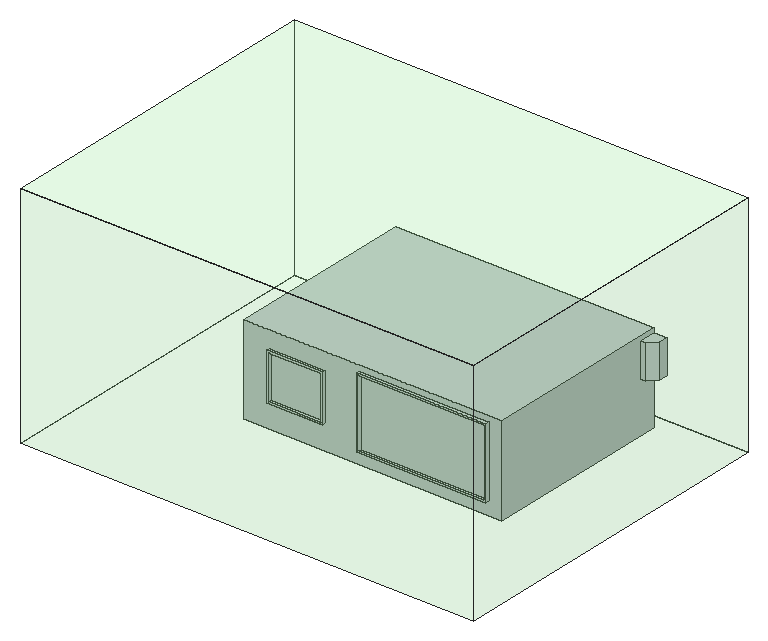
Revit family "BC_Hitachi_RASC_HNpE_LOD_200", category Equipement de génie climatique, Revit 2016
Family settings
  Type d'élément = Normal
  Cote de connecteur circulaire = Utiliser le diamètre
  Numéro OmniClass = 23.75.00.00
  Titre OmniClass = Climate Control (HVAC)
  Basée sur le plan de construction = Non
  Toujours verticalement = Oui
  Couper avec des vides une fois chargée = Non
  Partagée = Non
  Point de calcul de pièce = Non
Parameters (values of type "RASC-8HNPE")
  Static Pressure Nominal = 84.0 Pa
  Static Pressure Maximum = 120.0 Pa
  Space between inlet outlet = 245 mm
  Overall Width = 1850 mm
  Overall Height = 640 mm
  Overall Depth = 1360 mm
  Output Width = 398 mm
  Output Height = 337 mm
  Number of Poles = "3"
  Nominal heating power input = 7 kW
  Nominal cooling power input = 7.41 kW
  Nominal Voltage = 400 V
  Nominal Current = 24.7 A
  Minimum AC Voltage = 360 V
  Maximum Input Power = 15.43 kW
  Maximum AC Voltage = 440 V
  Mass = 300.00 kg
  Input Width = 925 mm
  Input Height = 509 mm
  Heating Capacity = 22.4 kW
  Frequency = 50 Hz
  Energy Efficiency Ratio (EER) = 2.7
  ESEER = "6.15"
  Distance from left outlet = 188 mm
  Diamètre Gaz Entrée = 25 mm
  Sound pressure level heating (dB(A)) = "56"
  Sound pressure level Night mode cooling (dB(A)) = "51"
  Sound pressure level cooling (dB(A)) = "55"
  Sound power dB(A) = "74"
  Service space [instance] = yes
  Running current heating = 11.2 A
  Running current cooling = 11.9 A
  Refrigerant charge = 5.70 kg
  Refrigerant = "R410A"
  Recommended circuit breaker = 30 A
  Minimum Connected Capacity (%) = "75"
  Maximum Connected Capacity (%) = "120"
  Maximum Air Flow = 115000.0 L/min
  Hight liquid pipe = 391 mm
  Hight Gas pipe = 504 mm
  Fabricant = "HITACHI"
  Diamètre Eau Entrée = 10 mm
  Cooling Capacity = 20 kW
  Commentaires du type = "RASC HNPE"
  Coefficient Of Performance (COP) = 3.2
  BC_OBJECT_ID = ""
Types (5, lengths in mm): name | Static Pressure Nominal | Static Pressure Maximum | Space between inlet outlet | Overall Width | Overall Height | Overall Depth | Output Width | Output Height | Nominal heating power input | Nominal cooling power input | Nominal Current | Maximum Input Power | Mass | Input Width | Input Height | Heating Capacity | Energy Efficiency Ratio (EER) | ESEER | Distance from left outlet | Diamètre Gaz Entrée | Sound pressure level heating (dB(A)) | Sound pressure level Night mode cooling (dB(A)) | Sound pressure level cooling (dB(A)) | Sound power dB(A) | Running current heating | Running current cooling | Refrigerant charge | Recommended circuit breaker | Maximum Air Flow | Hight liquid pipe | Hight Gas pipe | Diamètre Eau Entrée | Cooling Capacity | Coefficient Of Performance (COP)
  RASC-4HNPE | 56.0 Pa | 90.0 Pa | 222 | 1415 | 575 | 1015 | 334 | 288 | 2.95 kW | 2.99 kW | 14.1 A | 8.76 kW | 192.00 kg | 642 | 444 | 11.2 kW | 3.35 | "6.65" | 123 | 18 | "53" | "48" | "52" | "70" | 4.7 A | 4.8 A | 4.10 kg | 20 A | 55000.0 L/min | 319 | 439 | 10 | 10 kW | 3.8
  RASC-5HNPE | 72.0 Pa | 100.0 Pa | 222 | 1415 | 575 | 1015 | 334 | 288 | 4.12 kW | 3.98 kW | 14.1 A | 8.76 kW | 192.00 kg | 642 | 444 | 14 kW | 3.14 | "6.41" | 123 | 18 | "53" | "48" | "52" | "71" | 6.6 A | 6.4 A | 4.20 kg | 20 A | 60000.0 L/min | 319 | 439 | 10 | 12.5 kW | 3.4
  RASC-6HNPE | 100.0 Pa | 100.0 Pa | 222 | 1415 | 575 | 1015 | 334 | 288 | 5.74 kW | 5.09 kW | 16 A | 10.01 kW | 192.00 kg | 642 | 444 | 15.5 kW | 2.75 | "6.19" | 123 | 18 | "54" | "49" | "53" | "72" | 9.2 A | 8.2 A | 4.20 kg | 20 A | 60000.0 L/min | 319 | 439 | 10 | 14 kW | 2.7
  RASC-8HNPE | 84.0 Pa | 120.0 Pa | 245 | 1850 | 640 | 1360 | 398 | 337 | 7 kW | 7.41 kW | 24.7 A | 15.43 kW | 300.00 kg | 925 | 509 | 22.4 kW | 2.7 | "6.15" | 188 | 25 | "56" | "51" | "55" | "74" | 11.2 A | 11.9 A | 5.70 kg | 30 A | 115000.0 L/min | 391 | 504 | 10 | 20 kW | 3.2
  RASC-10HNPE | 102.0 Pa | 120.0 Pa | 245 | 1850 | 640 | 1360 | 398 | 337 | 8.52 kW | 9.02 kW | 24.7 A | 15.43 kW | 303.00 kg | 925 | 509 | 26 kW | 2.66 | "6.13" | 188 | 25 | "57" | "52" | "56" | "75" | 13.7 A | 14.5 A | 6.20 kg | 30 A | 115000.0 L/min | 391 | 504 | 15 | 24 kW | 3.05
Reference planes
  plane 1 "Centre (avant/arrière)": y = 0
  plane 2: z = 0
  plane 3 "Centre (gauche/droite)": x = 0
  plane 4 "Ar": y = 680
  plane 5 "Av": y = -680
  plane 6 "Haut": z = 640
  plane 7 "D": x = 925
  plane 8 "G": x = -925
  plane 9: y = 780
  plane 10: x = -1725
  plane 11: x = 1525
  plane 12: y = -1680
  plane 13 "Service space hight": z = 1640
  plane 14 "Sorti d'air": z = 519
  plane 15: z = 182
  plane 16: x = -737
  plane 17: x = -339
  plane 18: x = -538
  plane 19: z = 350.5
  plane 20: x = -94
  plane 21: z = 600
  plane 22: z = 91
  plane 23: x = 831
Forms (mm)
  Extrusion 1, solid, material "Service space walls in 4 directions", visible <- "Service space"
    sketch origin (0, 0, 0) x (1, 0, 0) y (0, 1, 0)
      loop
        line (-1725, 780) -> (-1725, -1680) -> (1525, -1680) -> (1525, 780) -> (-1725, 780)
    from 0 to 1640
  Extrusion 2, solid
    sketch origin (0, 0, 0) x (1, 0, 0) y (0, 1, 0)
      loop
        line (-925, 680) -> (-925, -680) -> (925, -680) -> (925, 680) -> (-925, 680)
    from 0 to 640
  Extrusion 3, solid
    sketch origin (0, 680, 0) x (-1, 0, 0) y (0, 0, 1)
      loop
        circle (-955, 504) r 12.5
      loop
        circle (-955, 391) r 5
    from 0 to -15
  Extrusion 4, solid
    sketch origin (0, 0, 640) x (-1, 0, 0) y (0, -1, 0)
      loop
        line (-925, -680) -> (-925, -560) -> (-965, -560) -> (-1020, -615) -> (-1020, -680) -> (-925, -680)
    from -30 to -275
  Extrusion 5, solid
    sketch origin (0, -680, 0) x (1, 0, 0) y (0, 0, 1)
      loop
        line (-737, 519) -> (-737, 182) -> (-339, 182) -> (-339, 519) -> (-737, 519)
      loop
        line (-727, 509) -> (-727, 192) -> (-349, 192) -> (-349, 509) -> (-727, 509)
    from 0 to 25
  Extrusion 6, solid
    sketch origin (0, -680, 0) x (1, 0, 0) y (0, 0, 1)
      loop
        line (-94, 600) -> (-94, 91) -> (831, 91) -> (831, 600) -> (-94, 600)
      loop
        line (-84, 101) -> (821, 101) -> (821, 590) -> (-84, 590) -> (-84, 101)
    from 0 to 25
  Extrusion 7, solid
    sketch origin (0, 680, 0) x (-1, 0, 0) y (0, 0, 1)
      loop
        circle (265.388, 14.46) r 12.5
      loop
        circle (292.888, 14.46) r 12.5
    from 0 to -10
Lines and regions (mm)
  model lines, style "InvisibleLines"
    curve 1: line (925, -62.748, 640) -> (925, 57.252, 640)
Dimensions and locks
  equal spacing: plane 4 "Ar", plane 1 "Centre (avant/arrière)", plane 5 "Av"
  "Overall Depth": plane 4 "Ar" to plane 5 "Av"
  "Overall Height": plane 2 to plane 6 "Haut"
  "Overall Width": plane 8 "G" to plane 7 "D"
  locked: plane 9 to plane 4 "Ar" at 100
  locked: plane 10 to plane 8 "G" at 800
  locked: plane 12 to plane 5 "Av" at 1000
  locked: plane 7 "D" to plane 11 at 600
  locked: plane 13 "Service space hight" to plane 6 "Haut" at 1000
  equal spacing: plane 8 "G", plane 3 "Centre (gauche/droite)", plane 7 "D"
  "Hight liquid pipe": plane 2 to Extrusion 3 sketch curve
  "Hight Gas pipe": plane 2 to Extrusion 3 sketch curve
  locked: plane 7 "D" to Extrusion 3 sketch curve at 30  (x2)
  "Output Width": plane 17 to plane 16
  equal spacing: plane 17, plane 18, plane 16
  equal spacing: plane 14 "Sorti d'air", plane 19, plane 15
  "Output Height": plane 14 "Sorti d'air" to plane 15
  locked: plane 15 to plane 2 at 182
  "Distance from left outlet": plane 16 to plane 8 "G"
  "Input Height": plane 21 to plane 22
  locked: plane 6 "Haut" to plane 21 at 40
  "Input Width": plane 23 to plane 20
  "Space between inlet outlet": plane 20 to plane 17
  "Diamètre Gaz Entrée": diameter of Extrusion 3 sketch curve
  "Diamètre Eau Entrée": diameter of Extrusion 3 sketch curve
  diameter of Extrusion 7 sketch curve = 25 mm  (x2)
  aligned and locked: level to plane 2
  aligned and locked: Extrusion 1 sketch curve to plane 9
  aligned and locked: plane 10 to Extrusion 1 sketch curve
  aligned and locked: Extrusion 1 sketch curve to plane 12
  aligned and locked: plane 11 to Extrusion 1 sketch curve
  aligned and locked: plane 13 "Service space hight" to Extrusion 1
  aligned and locked: Extrusion 2 sketch curve to plane 4 "Ar"
  aligned and locked: plane 8 "G" to Extrusion 2 sketch curve
  aligned and locked: Extrusion 2 sketch curve to plane 5 "Av"
  aligned and locked: plane 7 "D" to Extrusion 2 sketch curve
  aligned and locked: plane 6 "Haut" to Extrusion 2
  aligned and locked: Extrusion 2 to plane 2
  aligned and locked: Extrusion 5 sketch curve to plane 14 "Sorti d'air"
  aligned and locked: plane 16 to Extrusion 5 sketch curve
  aligned and locked: plane 15 to Extrusion 5 sketch curve
  aligned and locked: Extrusion 5 sketch curve to plane 17
  aligned and locked: Extrusion 6 sketch curve to plane 21
  aligned and locked: plane 20 to Extrusion 6 sketch curve
  aligned and locked: plane 22 to Extrusion 6 sketch curve
  aligned and locked: Extrusion 6 sketch curve to plane 23
Automatic sketch dimensions
  curve 1 to plane 7 "D" = 0 mm
  curve 1 to plane 1 "Centre (avant/arrière)" = 57.252 mm
  plane 1 "Centre (avant/arrière)" to curve 1 = 62.748 mm
  Extrusion 4 sketch curve to plane 4 "Ar" = 0 mm
  Extrusion 4 sketch curve to plane 7 "D" = 0 mm
  Extrusion 4 sketch curve to plane 7 "D" = 40 mm
  Extrusion 4 sketch curve to plane 7 "D" = 95 mm
  Extrusion 4 sketch curve to plane 4 "Ar" = 120 mm
  Extrusion 4 sketch curve to plane 4 "Ar" = 65 mm
  plane 15 to Extrusion 5 sketch curve = 10 mm
  Extrusion 5 sketch curve to plane 14 "Sorti d'air" = 10 mm
  Extrusion 5 sketch curve to plane 17 = 10 mm
  plane 16 to Extrusion 5 sketch curve = 10 mm
  plane 20 to Extrusion 6 sketch curve = 10 mm
  Extrusion 6 sketch curve to plane 21 = 10 mm
  plane 22 to Extrusion 6 sketch curve = 10 mm
  Extrusion 6 sketch curve to plane 23 = 10 mm
  level to Extrusion 7 sketch curve = 14.46 mm  (x2)
  plane 17 to Extrusion 7 sketch curve = 73.612 mm
  Extrusion 7 sketch curve to Extrusion 7 sketch curve = 27.5 mm
Connectors
  hvac at (-538, -680, 350.5), driven by "Output Height", driven by "Output Width"
    settings: on Extrusion 5, index 1, duct flow 0.0 L/min, flow factor 0, pres drop 0.0 Pa, loss coef 0, conn angle 0.00°, conn width 398 mm, conn height 337 mm, conn diameter 609.6 mm, duct sys type 1, conn prof type 1, flow config 0, flow direction 2, loss method 0, conn ref index -1, conn util no, is conn primary yes, conn desc ""
  hvac at (368.5, -680, 345.5), driven by "Input Height", driven by "Input Width"
    settings: on Extrusion 6, index 2, duct flow 0.0 L/min, flow factor 0, pres drop 0.0 Pa, loss coef 0, conn angle 0.00°, conn width 925 mm, conn height 509 mm, conn diameter 609.6 mm, duct sys type 2, conn prof type 1, flow config 0, flow direction 1, loss method 0, conn ref index -1, conn util no, is conn primary no, conn desc ""
  piping at (955, 680, 504), diameter 25, driven by "Diamètre Gaz Entrée"
    settings: on Extrusion 3, index 3, connector inside diameter 609.6 mm, connector length 0 mm, flow factor 0, pipe flow 0.0 L/s, pressure drop 0.0 Pa, fitting loss kfactor 0, connector angle 0.00°, fixture units 0, engagement length 0 mm, angle of deflection 0.00°, flow configuration 0, flow direction 0, fitting loss method 0, system type 29, joint type 0, gender type 0, connector reference index -1, connector utility 0, adjustable connector no, is connector primary yes, connector description ""
  piping at (955, 680, 391), diameter 10, driven by "Diamètre Eau Entrée"
    settings: on Extrusion 3, index 4, connector inside diameter 609.6 mm, connector length 0 mm, flow factor 0, pipe flow 0.0 L/s, pressure drop 0.0 Pa, fitting loss kfactor 0, connector angle 0.00°, fixture units 0, engagement length 0 mm, angle of deflection 0.00°, flow configuration 0, flow direction 1, fitting loss method 0, system type 7, joint type 0, gender type 0, connector reference index -1, connector utility 0, adjustable connector no, is connector primary no, connector description ""
  electrical at (-265.388, 680, 14.46), driven by "Nominal Voltage"
    settings: on Extrusion 7, index 5, voltage 400 V, apparent load 0 VA, apparent load phase1 0 VA, apparent load phase2 0 VA, apparent load phase3 0 VA, power factor 1, load classification "Autre", number of poles 1, system type 30, power factor state 1, is connector primary yes, connector utility no, sub classification motor no, connector description ""
  electrical at (-292.888, 680, 14.46), driven by "Nominal Voltage"
    settings: on Extrusion 7, index 6, voltage 400 V, apparent load 0 VA, apparent load phase1 0 VA, apparent load phase2 0 VA, apparent load phase3 0 VA, power factor 1, load classification "Autre", number of poles 1, system type 30, power factor state 1, is connector primary no, connector utility no, sub classification motor no, connector description ""
